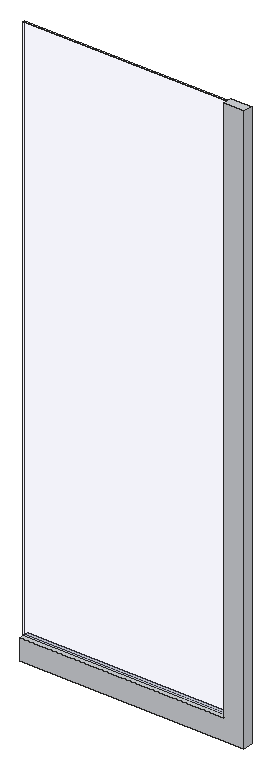
Revit family "ASL Door Sliding Frame_2", category Doors, Revit 2018
Family settings
  Work Plane-Based = No
  Always vertical = Yes
  Cut with Voids When Loaded = No
  Shared = No
  Room Calculation Point = No
Parameters
  Width [instance] = 1040 mm
  URL = "http://www.productspec.net/products/21354/psl-innovative-aluminium/alement-350-sliding-door-system.aspx"
  Model = "PSL Alement Sliding"  # constant formula
  Manufacturer = "PSL Innovative Aluminium Ltd"  # constant formula
  Height [instance] = 2780 mm
  Glass Material = none
  Frame Material = none
  Created By = "http://www.productspec.net/"
  Assembly Code = ""
  Analytic Construction = "<None>"
Reference planes
  plane 1 "Center (Front/Back)": y = 0
  plane 2: z = 0
  plane 3 "Center (Left/Right)": x = 0
  plane 4: x = -1040
  plane 5 "Height": z = 2780
Forms (mm)
  Sweep 1, solid, material <- "Frame Material"
    path origin (0, -25, 0) x (-1, 0, 0) y (0, 0, 1)
      loop
        line (50, 2780) -> (50, 100)
    profile "PSL Alement Door Sliding Frame : Frame" origin (-50, -25, 1440) x (1, 0, 0) y (0, -1, 0)
      loop
        line (0, 22) -> (0, -22) -> (100, -22) -> (100, 22) -> (0, 22)
  Sweep 2, solid, material <- "Frame Material"
    path origin (0, -25, 0) x (-1, 0, 0) y (0, 0, 1)
      loop
        line (1040, 0) -> (-50, 0)
    profile "PSL Alement Door Sliding Frame : Kickplate" origin (-495, -25, 0) x (0, 0, 1) y (0, -1, 0)
      loop
        line (0, 22) -> (0, -22) -> (100, -22) -> (100, 22) -> (0, 22)
  Extrusion 3, solid, material <- "Glass Material"
    sketch origin (0, -25, 0) x (-1, 0, 0) y (0, 0, -1)
      loop
        line (50, -2780) -> (1040, -2780) -> (1040, -100) -> (50, -100) -> (50, -2780)
    from -6 to 6
Cuts and joins
  joined: Sweep 1, Sweep 2
Dimensions and locks
  "Width": plane 4 to plane 3 "Center (Left/Right)"
  "Height": plane 5 "Height" to plane 2
  aligned and locked: level to plane 2
  aligned and locked: plane 5 "Height" to Extrusion 3
  aligned: cut or joined group of Sweep 1, Sweep 2 to plane 5 "Height"
  aligned and locked: plane 5 "Height" to Sweep 1 sketch curve
  aligned and locked: Extrusion 3 to cut or joined group of Sweep 1, Sweep 2
Automatic sketch dimensions
  Extrusion 3 sketch curve to plane 4 = 0 mm
  plane 3 "Center (Left/Right)" to Extrusion 3 sketch curve = 50 mm
  Extrusion 3 sketch curve to level = 100 mm
  Extrusion 3 sketch curve to Extrusion 3 sketch curve = 2680 mm
  plane 3 "Center (Left/Right)" to Sweep 1 sketch curve = 50 mm
  Sweep 1 sketch curve to level = 100 mm
  Sweep 2 sketch curve to level = 0 mm
  Sweep 2 sketch curve to plane 4 = 0 mm
  Sweep 2 sketch curve to plane 3 "Center (Left/Right)" = 50 mm
